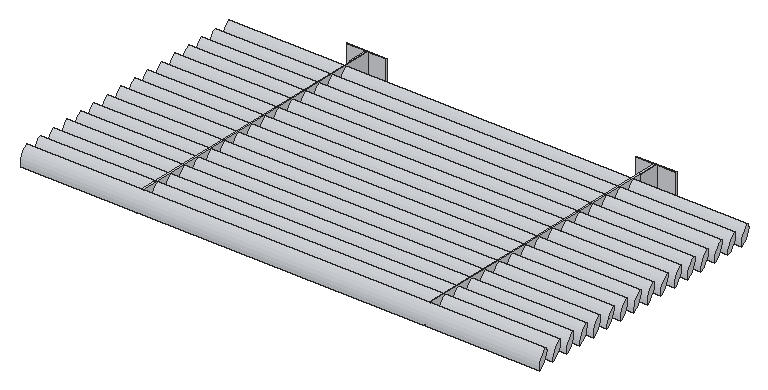
Revit family "Sentry Series", category Mechanical Equipment, Revit 2015
Parameters
  width = 5' - 0"
  projection = 5' - 0"
  height = 1' - 0"
  cantilever = 2' - 0"
  blade spacing [instance] = 0' - 3 1/2"
  blade number [instance] = (projection - 0' 7") / blade spacing  # 15
  blade length [instance] = width + 2' 0" + 2' 0"  # 9' - 0"
  URL = "https://unitedenertech.com/catalog/pdf/C_6%20SENTRY%20SERIES.pdf"
  Type Comments = "Length 84\" x Projection 60\". 24\" Max Cantilever"
  Model = "Sentry Series Sunshade"
  Manufacturer = "United Enertech"
  Description = "1/4\" tapered aluminum outrigger with 4\" x 1\" airfoil blades."
Reference planes (in)
  plane 1 "Center (Front/Back)": y = 0
  plane 2: z = 0
  plane 3 "Center (Left/Right)": x = 0
  plane 4: y = 30
  plane 5: z = 41.47743
  plane 6: y = -30
  plane 7: z = 29.47743
  plane 8: y = 20
  plane 9: z = 37.93485
  plane 10: y = -28.3486
  plane 11: x = -24
  plane 12: x = 60
  plane 13: x = 84
  plane 14: x = 30
  plane 15: x = 59.75
  plane 16: x = 60.25
  plane 17: y = -24.8486
Forms (in)
  Extrusion 1, solid
    sketch origin (0, 0, 0) x (0, 1, 0) y (0, 0, 1)
      loop
        line (30, 41.47743) -> (-28.3486, 41.47743)
        arc (-28.3486, 41.47743) -> (-28.66424, 39.46838) -> (-30, 37.93485) r 3.67473
        line (-30, 37.93485) -> (20, 29.47743) -> (30, 29.47743) -> (30, 41.47743)
    from 0 to 0.25
  Extrusion 2, solid
    sketch origin (84, 0, 0) x (0, 1, 0) y (0, 0, -1)
      loop
        line (30, -41.47743) -> (30, -29.47743) -> (20, -29.47743) -> (-30, -37.93485)
        arc (-30, -37.93485) -> (-28.66424, -39.46838) -> (-28.3486, -41.47743) r 3.67473
        line (-28.3486, -41.47743) -> (30, -41.47743)
    from 24 to 24.25
  Extrusion 3, solid
    sketch origin (4.13125, 0.15186, 0) x (1, 0, 0) y (0, 1, 0)
      loop
        line (-4.38125, 25.84814) -> (-4.13125, 25.84814) -> (-4.13125, 29.84814) -> (-0.13125, 29.84814) -> (-0.13125, 30.09814) -> (-8.38125, 30.09814) -> (-8.38125, 29.84814) -> (-4.38125, 29.84814) -> (-4.38125, 25.84814)
    from 29.47743 to 41.47743
  Extrusion 4, solid
    sketch origin (55.86875, 0.15186, 0) x (-1, 0, 0) y (0, -1, 0)
      loop
        line (-4.38125, -25.84814) -> (-4.38125, -29.84814) -> (-8.38125, -29.84814) -> (-8.38125, -30.09814) -> (-0.13125, -30.09814) -> (-0.13125, -29.84814) -> (-4.13125, -29.84814) -> (-4.13125, -25.84814) -> (-4.38125, -25.84814)
    from 29.47743 to 41.47743
Dimensions and locks (in)
  equal spacing: plane 4, plane 1 "Center (Front/Back)", plane 6
  "projection": plane 4 to plane 6
  plane 10 to plane 6 = 0' - 1.6514"
  "cantilever": plane 11 to plane 3 "Center (Left/Right)"
  "cantilever": plane 12 to plane 13
  equal spacing: plane 3 "Center (Left/Right)", plane 14, plane 12
  "width": plane 3 "Center (Left/Right)" to plane 12
  locked: plane 15 to plane 12 at 0.25
  locked: plane 5 to plane 9 at 3.54258
  "height": plane 5 to plane 7
  locked: plane 4 to plane 8 at 10
  locked: plane 12 to plane 16 at 0.25
  equal spacing: group 2, group 3, group 4, group 5, group 6, group 7, group 8, group 9, group 10, group 11, group 12, group 13, group 14, group 15, group 16  (x3)
  "blade spacing": nested 3 to nested 2
  locked: plane 17 to plane 10 at 3.5
  aligned and locked: level to plane 2
  aligned and locked: plane 4 to Extrusion 1 sketch curve
  aligned and locked: plane 5 to Extrusion 1 sketch curve
  aligned and locked: Extrusion 1 sketch curve to plane 7
  aligned and locked: plane 8 to Extrusion 1 sketch curve
  aligned and locked: plane 10 to Extrusion 1 sketch curve
  aligned and locked: Extrusion 1 sketch curve to Extrusion 1 sketch curve
  aligned and locked: plane 9 to Extrusion 1 sketch curve
  aligned and locked: plane 6 to Extrusion 1 sketch curve
  aligned and locked: Extrusion 2 sketch curve to Extrusion 2 sketch curve
  aligned and locked: Extrusion 2 to plane 12
  aligned and locked: plane 15 to Extrusion 2
  aligned and locked: plane 5 to Extrusion 3
  aligned and locked: Extrusion 3 to plane 7
  aligned and locked: Extrusion 4 to plane 16
  aligned and locked: plane 12 to Extrusion 4
  aligned and locked: Extrusion 4 to plane 7
  aligned and locked: plane 5 to Extrusion 4
  aligned and locked: plane 10 to Extrusion 1
  aligned and locked: plane 13 to nested 1
  aligned and locked: plane 10 to nested 1
  aligned and locked: plane 5 to nested 2
  aligned and locked: plane 17 to nested 2
  aligned and locked: plane 11 to nested 2
Automatic sketch dimensions
  Extrusion 1 sketch curve to plane 5 = 0' - 0.45646"
  Extrusion 2 sketch curve to plane 6 = 0' - 0"
  Extrusion 2 sketch curve to plane 5 = 0' - 0"
  Extrusion 2 sketch curve to plane 10 = 0' - 0"
  Extrusion 2 sketch curve to plane 7 = 0' - 0"
  Extrusion 2 sketch curve to plane 8 = 0' - 0"
  Extrusion 2 sketch curve to plane 4 = 0' - 0"
  Extrusion 2 sketch curve to plane 9 = 0' - 0"
  Extrusion 2 sketch curve to plane 5 = 0' - 0.45646"
  Extrusion 3 sketch curve to plane 4 = 0' - 0"  (x2)
  Extrusion 3 sketch curve to plane 3 "Center (Left/Right)" = 0' - 0"
  Extrusion 3 sketch curve to plane 3 "Center (Left/Right)" = 0' - 0 1/4"
  plane 4 to Extrusion 3 sketch curve = 0' - 0 1/4"
  Extrusion 3 sketch curve to Extrusion 3 sketch curve = 0' - 4"
  plane 3 "Center (Left/Right)" to Extrusion 3 sketch curve = 0' - 4"
  Extrusion 3 sketch curve to plane 4 = 0' - 4"
  Extrusion 4 sketch curve to plane 4 = 0' - 0"  (x2)
  Extrusion 4 sketch curve to plane 12 = 0' - 0"
  Extrusion 4 sketch curve to Extrusion 4 sketch curve = 0' - 0 1/4"
  Extrusion 4 sketch curve to plane 4 = 0' - 0 1/4"
  Extrusion 4 sketch curve to Extrusion 4 sketch curve = 0' - 4"
  Extrusion 4 sketch curve to plane 15 = 0' - 3 3/4"
  plane 4 to Extrusion 4 sketch curve = 0' - 4"
Nested families (in)
  nested 1: "Sentry Series Blade" at (30, -27.09963, 38.15907) x (1, 0, 0) z (0, -0.1993, 0.9799), blade length <- "blade length", type "Sentry Series Blade"
    with blade length 9' - 0"
  nested 2: "Sentry Series Blade 2" at (30, -23.62826, 38.16327) x (1, 0, 0) z (0, -0.1908, 0.9816), blade length <- "blade length", type "Sentry Series Blade 2"
    with blade length 9' - 0"
  nested 3: "Sentry Series Blade 2" at (30, -20.12826, 38.16327) x (1, 0, 0) z (0, -0.1908, 0.9816), blade length <- "blade length", type "Sentry Series Blade 2"
    with blade length 9' - 0"
  nested 4: "Sentry Series Blade 2" at (30, -16.62826, 38.16327) x (1, 0, 0) z (0, -0.1908, 0.9816), blade length <- "blade length", type "Sentry Series Blade 2"
    with blade length 9' - 0"
  nested 5: "Sentry Series Blade 2" at (30, -13.12826, 38.16327) x (1, 0, 0) z (0, -0.1908, 0.9816), blade length <- "blade length", type "Sentry Series Blade 2"
    with blade length 9' - 0"
  nested 6: "Sentry Series Blade 2" at (30, -9.62826, 38.16327) x (1, 0, 0) z (0, -0.1908, 0.9816), blade length <- "blade length", type "Sentry Series Blade 2"
    with blade length 9' - 0"
  nested 7: "Sentry Series Blade 2" at (30, -6.12826, 38.16327) x (1, 0, 0) z (0, -0.1908, 0.9816), blade length <- "blade length", type "Sentry Series Blade 2"
    with blade length 9' - 0"
  nested 8: "Sentry Series Blade 2" at (30, -2.62826, 38.16327) x (1, 0, 0) z (0, -0.1908, 0.9816), blade length <- "blade length", type "Sentry Series Blade 2"
    with blade length 9' - 0"
  nested 9: "Sentry Series Blade 2" at (30, 0.87174, 38.16327) x (1, 0, 0) z (0, -0.1908, 0.9816), blade length <- "blade length", type "Sentry Series Blade 2"
    with blade length 9' - 0"
  nested 10: "Sentry Series Blade 2" at (30, 4.37174, 38.16327) x (1, 0, 0) z (0, -0.1908, 0.9816), blade length <- "blade length", type "Sentry Series Blade 2"
    with blade length 9' - 0"
  nested 11: "Sentry Series Blade 2" at (30, 7.87174, 38.16327) x (1, 0, 0) z (0, -0.1908, 0.9816), blade length <- "blade length", type "Sentry Series Blade 2"
    with blade length 9' - 0"
  nested 12: "Sentry Series Blade 2" at (30, 11.37174, 38.16327) x (1, 0, 0) z (0, -0.1908, 0.9816), blade length <- "blade length", type "Sentry Series Blade 2"
    with blade length 9' - 0"
  nested 13: "Sentry Series Blade 2" at (30, 14.87174, 38.16327) x (1, 0, 0) z (0, -0.1908, 0.9816), blade length <- "blade length", type "Sentry Series Blade 2"
    with blade length 9' - 0"
  nested 14: "Sentry Series Blade 2" at (30, 18.37174, 38.16327) x (1, 0, 0) z (0, -0.1908, 0.9816), blade length <- "blade length", type "Sentry Series Blade 2"
    with blade length 9' - 0"
  nested 15: "Sentry Series Blade 2" at (30, 21.87174, 38.16327) x (1, 0, 0) z (0, -0.1908, 0.9816), blade length <- "blade length", type "Sentry Series Blade 2"
    with blade length 9' - 0"
  nested 16: "Sentry Series Blade 2" at (30, 25.37174, 38.16327) x (1, 0, 0) z (0, -0.1908, 0.9816), blade length <- "blade length", type "Sentry Series Blade 2"
    with blade length 9' - 0"
Definition of nested family "Sentry Series Blade"
  Parameters (values of type "Sentry Series Blade")
    blade length [instance] = 13' - 0"
  Reference planes (in)
    plane 1 "Center (Front/Back)": y = 0
    plane 2: z = 0
    plane 3 "Center (Left/Right)": x = 0
    plane 4: x = -78
    plane 5: x = 78
  Forms (in)
    Extrusion 1, solid
      sketch origin (0, 0, 0) x (0, 1, 0) y (0, 0, 1)
        loop
          arc (-0.56555, 3.48613) -> (-2.19111, 2.26404) -> (-2.91779, 0.3646) r 3.67473
          arc (-2.91779, 0.3646) -> (-1.29223, 1.58669) -> (-0.56555, 3.48613) r 3.67473
      from -78 to 78
  Dimensions and locks (in)
    equal spacing: plane 4, plane 3 "Center (Left/Right)", plane 5
    "blade length": plane 4 to plane 5
    aligned and locked: level to plane 2
    aligned and locked: plane 4 to Extrusion 1
    aligned and locked: Extrusion 1 to plane 5
  Automatic sketch dimensions
    plane 1 "Center (Front/Back)" to Extrusion 1 sketch curve = 0' - 4.227"
    level to Extrusion 1 sketch curve = 0' - 0.05253"
    Extrusion 1 sketch curve to plane 1 "Center (Front/Back)" = 0' - 0.74366"
    level to Extrusion 1 sketch curve = 0' - 3.79819"
    level to Extrusion 1 sketch curve = 0' - 0.3646"
    plane 1 "Center (Front/Back)" to Extrusion 1 sketch curve = 0' - 2.91779"
Definition of nested family "Sentry Series Blade 2"
  Parameters (values of type "Sentry Series Blade 2")
    blade length [instance] = 13' - 0"
  Reference planes (in)
    plane 1 "Center (Front/Back)": y = 0
    plane 2: z = 0
    plane 3 "Center (Left/Right)": x = 0
    plane 4: x = -78
    plane 5: x = 78
  Forms (in)
    Extrusion 1, solid
      sketch origin (0, 0, 0) x (0, 1, 0) y (0, 0, 1)
        loop
          arc (-0.56555, 3.48613) -> (-2.19111, 2.26404) -> (-2.91779, 0.3646) r 3.67473
          arc (-2.91779, 0.3646) -> (-1.29223, 1.58669) -> (-0.56555, 3.48613) r 3.67473
      from -78 to 78
  Dimensions and locks (in)
    equal spacing: plane 4, plane 3 "Center (Left/Right)", plane 5
    "blade length": plane 4 to plane 5
    aligned and locked: level to plane 2
    aligned and locked: plane 4 to Extrusion 1
    aligned and locked: Extrusion 1 to plane 5
  Automatic sketch dimensions
    plane 1 "Center (Front/Back)" to Extrusion 1 sketch curve = 0' - 4.227"
    level to Extrusion 1 sketch curve = 0' - 0.05253"
    Extrusion 1 sketch curve to plane 1 "Center (Front/Back)" = 0' - 0.74366"
    level to Extrusion 1 sketch curve = 0' - 3.79819"
    level to Extrusion 1 sketch curve = 0' - 0.3646"
    plane 1 "Center (Front/Back)" to Extrusion 1 sketch curve = 0' - 2.91779"
